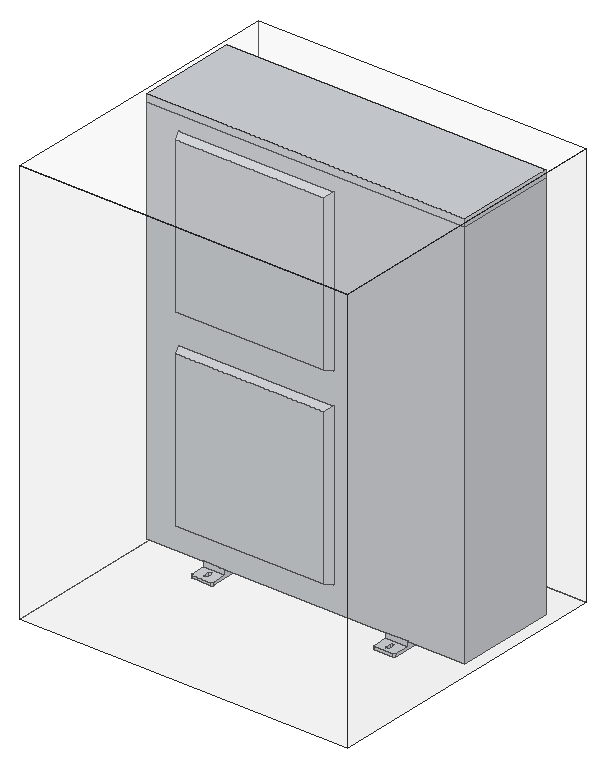
Revit family "puz-dhrmp80140ka3_60hz", category 機械設備, Revit 2019 (continued)
Definition of nested family "PUZ-ZRMP-3"
  Dimensions and locks
    aligned and locked: plane 50 to curve 2
    aligned and locked: plane 50 to curve 20
    aligned and locked: plane 57 to Extrusion 5 sketch curve
    aligned and locked: plane 53 to Extrusion 5 sketch curve
    aligned and locked: plane 58 to Extrusion 6 sketch curve
    aligned and locked: plane 56 to Extrusion 6 sketch curve
    aligned and locked: plane 61 to Extrusion 7 sketch curve
    aligned and locked: plane 54 to Extrusion 7 sketch curve
    aligned and locked: plane 55 to Extrusion 7
    aligned and locked: Extrusion 7 to plane 62
    aligned and locked: plane 64 to Extrusion 6
    aligned and locked: plane 63 to Extrusion 5
    aligned and locked: Extrusion 6 to plane 60
    aligned and locked: Extrusion 5 to plane 59
    aligned and locked: plane 66 to Extrusion 8 sketch curve
    aligned and locked: plane 65 to Extrusion 8 sketch curve
    aligned and locked: Extrusion 8 to plane 60
    aligned and locked: plane 64 to Extrusion 8
    aligned and locked: Blend 9 sketch curve to plane 71
    aligned and locked: Blend 9 sketch curve to plane 72
    aligned and locked: Blend 9 sketch curve to plane 42
    aligned and locked: Blend 9 sketch curve to plane 41
    aligned and locked: plane 45 to Blend 9 sketch curve
    aligned and locked: Blend 9 sketch curve to plane 46
    aligned and locked: Blend 9 sketch curve to plane 73
    aligned and locked: plane 74 to Blend 9 sketch curve
    aligned and locked: Blend 9 to plane 8
    aligned and locked: plane 38 to Blend 9
    aligned and locked: plane 22 to Extrusion 10 sketch curve
    aligned and locked: plane 21 to Extrusion 10 sketch curve
    aligned and locked: Extrusion 10 sketch curve to Extrusion 1  (x4)
    aligned and locked: Extrusion 10 sketch curve to plane 23
    aligned and locked: Extrusion 10 sketch curve to plane 20
    aligned and locked: plane 24 to Extrusion 10
    aligned and locked: Extrusion 10 to level
    aligned and locked: plane 25 to Extrusion 11
    aligned and locked: Extrusion 11 to plane 26
    aligned and locked: Masking region 1 sketch curve to Extrusion 3  (x4)
    aligned and locked: Masking region 1 sketch curve to cut or joined group of Extrusion 1, Extrusion 10  (x8)
    aligned and locked: Masking region 1 sketch curve to Blend 9  (x3)
    aligned and locked: plane 51 to Extrusion 11 sketch curve
    aligned and locked: plane 52 to Extrusion 11 sketch curve
    aligned and locked: plane 76 to Extrusion 11 sketch curve
    aligned and locked: plane 77 to Extrusion 11 sketch curve
    aligned and locked: plane 78 to Extrusion 11 sketch curve
    aligned and locked: plane 79 to Extrusion 11 sketch curve
    aligned and locked: plane 75 to Extrusion 11 sketch curve  (x4)
  Automatic sketch dimensions
    plane 7 to Extrusion 1 sketch curve = 0 mm  (x2)
    Extrusion 1 sketch curve to plane 18 = 0 mm
    plane 8 to Extrusion 1 sketch curve = 0 mm  (x2)
    Extrusion 1 sketch curve to plane 19 = 0 mm
    Extrusion 1 sketch curve to plane 20 = 0 mm
    Extrusion 1 sketch curve to plane 21 = 0 mm
    curve 187 to curve 188 = 40 mm
    curve 186 to curve 190 = 13.333 mm
    curve 190 to curve 190 = 40 mm
    curve 186 to curve 193 = 0 mm
    curve 186 to curve 188 = 40 mm
    curve 188 to curve 191 = 0 mm
    curve 179 to curve 180 = 40 mm
    curve 178 to curve 182 = 120 mm
    curve 182 to curve 182 = 40 mm
    curve 178 to curve 185 = 0 mm
    curve 178 to curve 180 = 40 mm
    curve 182 to curve 183 = 40 mm
    curve 25 to plane 45 = 0 mm
    curve 24 to plane 45 = 0 mm
    curve 22 to plane 45 = 0 mm
    curve 23 to plane 45 = 0 mm
    curve 26 to plane 45 = 0 mm
    curve 21 to plane 45 = 0 mm
    curve 24 to plane 46 = 0 mm
    curve 25 to plane 46 = 0 mm
    curve 26 to plane 46 = 0 mm
    curve 23 to plane 46 = 0 mm
    curve 22 to plane 46 = 0 mm
    curve 21 to plane 46 = 0 mm
    curve 37 to plane 48 = 0 mm
    curve 52 to plane 48 = 0 mm
    curve 51 to plane 48 = 0 mm
    curve 50 to plane 48 = 0 mm
    curve 49 to plane 48 = 0 mm
    curve 48 to plane 48 = 0 mm
    curve 47 to plane 48 = 0 mm
    curve 46 to plane 48 = 0 mm
    curve 45 to plane 48 = 0 mm
    curve 44 to plane 48 = 0 mm
    curve 43 to plane 48 = 0 mm
    curve 42 to plane 48 = 0 mm
    curve 41 to plane 48 = 0 mm
    curve 27 to plane 48 = 0 mm
    curve 28 to plane 48 = 0 mm
    curve 40 to plane 48 = 0 mm
    curve 39 to plane 48 = 0 mm
    curve 29 to plane 48 = 0 mm
    curve 38 to plane 48 = 0 mm
    curve 30 to plane 48 = 0 mm
    curve 53 to plane 48 = 0 mm
    curve 31 to plane 48 = 0 mm
    curve 36 to plane 48 = 0 mm
    curve 32 to plane 48 = 0 mm
    curve 35 to plane 48 = 0 mm
    curve 33 to plane 48 = 0 mm
    curve 34 to plane 48 = 0 mm
    curve 28 to plane 47 = 0 mm
    curve 41 to plane 47 = 0 mm
    curve 27 to plane 47 = 0 mm
    curve 42 to plane 47 = 0 mm
    curve 31 to plane 47 = 0 mm
    curve 40 to plane 47 = 0 mm
    curve 37 to plane 47 = 0 mm
    curve 39 to plane 47 = 0 mm
    curve 32 to plane 47 = 0 mm
    curve 45 to plane 47 = 0 mm
    curve 36 to plane 47 = 0 mm
    curve 46 to plane 47 = 0 mm
    curve 43 to plane 47 = 0 mm
    curve 47 to plane 47 = 0 mm
    curve 29 to plane 47 = 0 mm
    curve 48 to plane 47 = 0 mm
    curve 30 to plane 47 = 0 mm
    curve 49 to plane 47 = 0 mm
    curve 44 to plane 47 = 0 mm
    curve 50 to plane 47 = 0 mm
    curve 33 to plane 47 = 0 mm
    curve 51 to plane 47 = 0 mm
    curve 35 to plane 47 = 0 mm
    curve 52 to plane 47 = 0 mm
    curve 38 to plane 47 = 0 mm
    curve 53 to plane 47 = 0 mm
    curve 34 to plane 47 = 0 mm
    plane 13 to curve 304 = 138 mm
    curve 304 to plane 46 = 0 mm
    curve 307 to plane 45 = 0 mm
    curve 306 to plane 45 = 0 mm
    curve 303 to plane 45 = 0 mm
    curve 308 to plane 45 = 0 mm
    curve 303 to plane 46 = 0 mm
    curve 306 to plane 46 = 0 mm
    curve 307 to plane 46 = 0 mm
    curve 308 to plane 46 = 0 mm
    curve 309 to plane 45 = 0 mm
    curve 309 to plane 46 = 0 mm
    curve 305 to plane 74 = 0 mm
    curve 305 to plane 73 = 0 mm
    curve 310 to plane 74 = 0 mm
    curve 310 to plane 73 = 0 mm
    curve 311 to plane 73 = 0 mm
    curve 311 to plane 74 = 0 mm
    curve 312 to plane 74 = 0 mm
    curve 312 to plane 73 = 0 mm
    curve 313 to plane 74 = 0 mm
    curve 313 to plane 73 = 0 mm
    curve 314 to plane 73 = 0 mm
    curve 314 to plane 74 = 0 mm
    curve 315 to plane 74 = 0 mm
    curve 315 to plane 73 = 0 mm
    curve 316 to plane 73 = 0 mm
    curve 316 to plane 74 = 0 mm
    curve 317 to plane 74 = 0 mm
    curve 317 to plane 73 = 0 mm
    curve 318 to plane 74 = 0 mm
    curve 318 to plane 73 = 0 mm
    curve 319 to plane 74 = 0 mm
    curve 319 to plane 73 = 0 mm
    curve 320 to plane 74 = 0 mm
    curve 320 to plane 73 = 0 mm
    curve 321 to plane 74 = 0 mm
    curve 321 to plane 73 = 0 mm
    curve 322 to plane 73 = 0 mm
    curve 322 to plane 74 = 0 mm
    curve 323 to plane 73 = 0 mm
    curve 323 to plane 74 = 0 mm
    curve 324 to plane 73 = 0 mm
    curve 324 to plane 74 = 0 mm
    curve 325 to plane 74 = 0 mm
    curve 325 to plane 73 = 0 mm
    curve 326 to plane 74 = 0 mm
    curve 326 to plane 73 = 0 mm
    curve 327 to plane 74 = 0 mm
    curve 327 to plane 73 = 0 mm
    curve 328 to plane 74 = 0 mm
    curve 328 to plane 73 = 0 mm
    curve 329 to plane 74 = 0 mm
    curve 329 to plane 73 = 0 mm
    curve 330 to plane 74 = 0 mm
    curve 330 to plane 73 = 0 mm
    curve 331 to plane 74 = 0 mm
    curve 331 to plane 73 = 0 mm
    curve 332 to plane 73 = 0 mm
    curve 332 to plane 74 = 0 mm
    curve 333 to plane 74 = 0 mm
    curve 333 to plane 73 = 0 mm
    curve 334 to plane 73 = 0 mm
    curve 334 to plane 74 = 0 mm
    curve 335 to plane 74 = 0 mm
    curve 335 to plane 73 = 0 mm
    Extrusion 10 sketch curve to plane 18 = 0 mm  (x2)
    plane 8 to Extrusion 10 sketch curve = 0 mm
    plane 23 to Extrusion 10 sketch curve = 0 mm
    plane 22 to Extrusion 10 sketch curve = 0 mm  (x3)
    plane 16 to Extrusion 10 sketch curve = 0 mm  (x3)
    plane 17 to Extrusion 10 sketch curve = 0 mm  (x3)
    Extrusion 10 sketch curve to plane 15 = 0 mm  (x2)
    Extrusion 10 sketch curve to plane 19 = 0 mm  (x2)
    Extrusion 10 sketch curve to plane 14 = 0 mm  (x2)
    plane 7 to Extrusion 10 sketch curve = 0 mm
    Extrusion 10 sketch curve to plane 18 = 5 mm
    plane 15 to Extrusion 10 sketch curve = 6 mm  (x2)
    plane 19 to Extrusion 10 sketch curve = 5 mm
    Extrusion 10 sketch curve to plane 20 = 5 mm
    plane 14 to Extrusion 10 sketch curve = 6 mm  (x2)
    plane 21 to Extrusion 10 sketch curve = 5 mm
    plane 38 to Extrusion 10 sketch curve = 10 mm  (x2)
    plane 19 to Masking region 1 sketch curve = 0 mm
    plane 21 to Masking region 1 sketch curve = 0 mm
    plane 7 to Masking region 1 sketch curve = 0 mm  (x2)
    Masking region 1 sketch curve to plane 20 = 0 mm
    Masking region 1 sketch curve to plane 18 = 0 mm
    plane 8 to Masking region 1 sketch curve = 0 mm  (x2)
    plane 38 to Masking region 1 sketch curve = 0 mm
    curve 352 to plane 6 = 0 mm
    plane 7 to curve 352 = 0 mm
    curve 353 to plane 18 = 0 mm
    curve 348 to plane 18 = 0 mm
    plane 8 to curve 346 = 0 mm
    curve 354 to plane 19 = 0 mm
    curve 347 to plane 19 = 0 mm
    curve 345 to plane 41 = 0 mm
    plane 38 to curve 344 = 0 mm
    curve 344 to plane 46 = 0 mm
    curve 357 to plane 20 = 0 mm
    curve 343 to plane 20 = 0 mm
    curve 358 to plane 21 = 0 mm
    curve 341 to plane 21 = 0 mm
    curve 339 to plane 45 = 0 mm
    curve 339 to plane 42 = 0 mm
    curve 337 to plane 5 = 0 mm
    plane 22 to curve 354 = 0 mm
    plane 22 to curve 358 = 0 mm
    plane 23 to curve 342 = 0 mm
    plane 23 to curve 347 = 0 mm
    curve 11 to plane 65 = 6 mm
    plane 18 to curve 352 = 28.157 mm
    plane 15 to curve 346 = 0.043 mm
    plane 21 to curve 338 = 11.963 mm
    curve 336 to plane 21 = 9.073 mm
    curve 344 to plane 21 = 22.105 mm
    plane 28 to curve 3 = 5 mm
    curve 3 to plane 45 = 38 mm
    curve 1 to plane 45 = 38 mm
    curve 3 to curve 5 = 0 mm
    curve 4 to plane 29 = 5 mm
    curve 372 to plane 65 = 6 mm
    plane 65 to curve 376 = 9 mm
    curve 12 to plane 65 = 6 mm
    curve 20 to plane 53 = 4 mm
    curve 2 to curve 16 = 15 mm
    plane 51 to curve 15 = 5 mm
Definition of nested family "固定点"
  Parameters (values of type "固定点")
    中心円 = if(W > 599 mm, 12 mm, 10 mm)  # 12 mm
    W = 1000 mm
    D = 1000 mm
  Reference planes
    plane 1 "中心(正面/背面)": y = 0
    plane 2: z = 0
    plane 3 "中心(左/右)": x = 0
    plane 4: x = 1000
    plane 5: y = 1000
  Lines and regions (mm)
    symbolic lines, detail levels fine
      curve 1: circle (0, 1000, 0) r 6 normal (0, 0, 1)
      curve 2: circle (0, 0, 0) r 6 normal (0, 0, 1)
      curve 3: circle (1000, 1000, 0) r 6 normal (0, 0, 1)
      curve 4: circle (1000, 0, 0) r 6 normal (0, 0, 1)
      curve 5: line (-200, 1000, 0) -> (1200, 1000, 0)
      curve 6: line (-200, 0, 0) -> (1200, 0, 0)
      curve 7: line (0, 1200, 0) -> (0, -200, 0)
      curve 8: line (1000, 1200, 0) -> (1000, -200, 0)
  Dimensions and locks
    "W": plane 3 "中心(左/右)" to plane 4
    "D": plane 1 "中心(正面/背面)" to plane 5
    "中心円": diameter of curve 1
    "中心円": diameter of curve 2
    "中心円": diameter of curve 3
    "中心円": diameter of curve 4
    aligned and locked: level to plane 2
    aligned and locked: plane 5 to curve 1
    aligned and locked: plane 3 "中心(左/右)" to curve 1
    aligned and locked: plane 3 "中心(左/右)" to curve 2
    aligned and locked: plane 1 "中心(正面/背面)" to curve 2
    aligned and locked: plane 4 to curve 3
    aligned and locked: plane 5 to curve 3
    aligned and locked: plane 1 "中心(正面/背面)" to curve 4
    aligned and locked: plane 4 to curve 4
    aligned and locked: plane 1 "中心(正面/背面)" to curve 6
    aligned and locked: curve 7 to plane 3 "中心(左/右)"
    aligned and locked: curve 8 to plane 4
  Automatic sketch dimensions
    curve 5 to plane 5 = 0 mm
    curve 6 to plane 3 "中心(左/右)" = 200 mm
    curve 5 to plane 3 "中心(左/右)" = 200 mm
    curve 4 to curve 6 = 200 mm
    curve 3 to curve 5 = 200 mm
    plane 1 "中心(正面/背面)" to curve 8 = 200 mm
    plane 1 "中心(正面/背面)" to curve 7 = 200 mm
    curve 3 to curve 8 = 200 mm
    curve 1 to curve 7 = 200 mm
Types (3, lengths in mm): name | 音響パワーレベル_冷房 (dB) | 音響パワーレベル_暖房 (dB) | 音響パワーレベル(dB) | 電動機出力_圧縮機 | 消費電力_暖房 | 消費電力_冷房 | 消費電力 | 構成品番 | 暖房能力 | 推奨ブレーカー容量 | 冷房能力
  室外機_PUZ-DHRMP80KA3 (-BS_BSG) | 66 | 68 | 68 | 1.5 kW | 1.92 kW | 1.77 kW | 1.92 kW | "PUZ-DHRMP80KA3 (-BS,-BSG)" | 8 kW | 30 A | 7.1 kW
  室外機_PUZ-DHRMP112KA3 (-BS_BSG) | 66 | 69 | 69 | 2.1 kW | 2.69 kW | 2.5 kW | 2.69 kW | "PUZ-DHRMP112KA3 (-BS,-BSG)" | 11.2 kW | 30 A | 10 kW
  室外機_PUZ-DHRMP140KA3 (-BS_BSG) | 68 | 69 | 69 | 2.7 kW | 3.82 kW | 3.69 kW | 3.82 kW | "PUZ-DHRMP140KA3 (-BS,-BSG)" | 14 kW | 40 A | 12.5 kW
